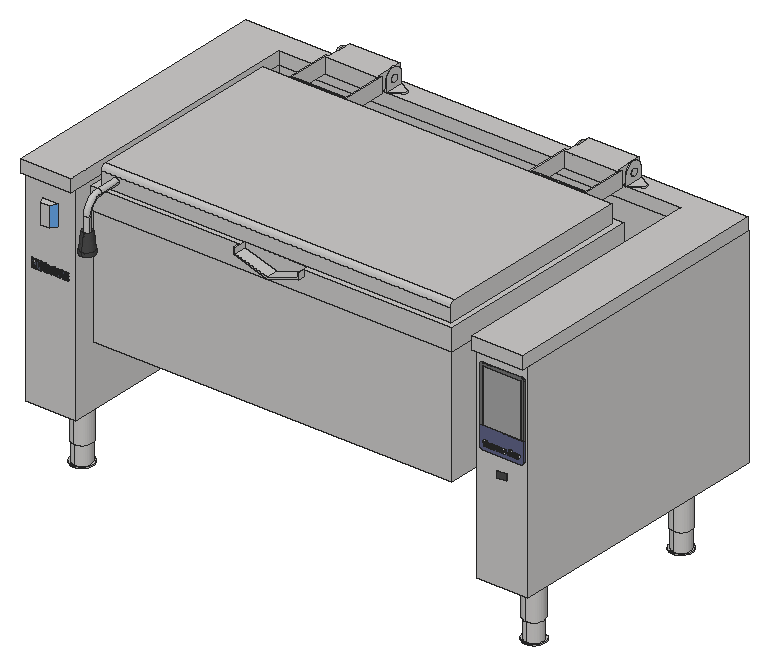
Revit family "QF_ELECTROLUXPROFESSIONAL_587124_PFET10ECIO", category Attrezzature speciali, Revit 2020 (continued)
Definition of nested family "QF_ELECTROLUXPROFESSIONAL_PBOTNB900_LEFT"
  Automatic sketch dimensions
    Extrusion 4 sketch curve to Extrusion 4 sketch curve = 1.476 mm  (x2)
    Extrusion 4 sketch curve to Extrusion 4 sketch curve = 1.469 mm  (x2)
    Extrusion 4 sketch curve to Extrusion 4 sketch curve = 3.728 mm
    Extrusion 4 sketch curve to Extrusion 4 sketch curve = 0.046 mm
    Extrusion 4 sketch curve to Extrusion 4 sketch curve = 0.177 mm
    Extrusion 4 sketch curve to Extrusion 4 sketch curve = 0.947 mm
    Extrusion 4 sketch curve to Extrusion 4 sketch curve = 0.308 mm
    Extrusion 4 sketch curve to Extrusion 4 sketch curve = 0.091 mm
    Extrusion 4 sketch curve to Extrusion 4 sketch curve = 2.375 mm
    Extrusion 4 sketch curve to Extrusion 4 sketch curve = 0.94 mm
    Extrusion 4 sketch curve to Extrusion 4 sketch curve = 0.54 mm
    Extrusion 4 sketch curve to Extrusion 4 sketch curve = 0.102 mm
    Extrusion 4 sketch curve to Extrusion 4 sketch curve = 0.002 mm  (x4)
    Extrusion 4 sketch curve to Extrusion 4 sketch curve = 0.105 mm
    Extrusion 4 sketch curve to Extrusion 4 sketch curve = 0.097 mm
    Extrusion 4 sketch curve to plane 3 "Center (Left/Right)" = 0.241 mm
    Extrusion 4 sketch curve to plane 3 "Center (Left/Right)" = 0.412 mm
    Extrusion 4 sketch curve to plane 3 "Center (Left/Right)" = 2.074 mm
    Extrusion 4 sketch curve to Extrusion 4 sketch curve = 1.777 mm
    Extrusion 4 sketch curve to plane 3 "Center (Left/Right)" = 2.704 mm
    Extrusion 4 sketch curve to Extrusion 4 sketch curve = 1.001 mm
    Extrusion 4 sketch curve to Extrusion 4 sketch curve = 1.393 mm  (x2)
    Extrusion 4 sketch curve to Extrusion 4 sketch curve = 2.363 mm
    Extrusion 4 sketch curve to Extrusion 4 sketch curve = 2.253 mm
    Extrusion 4 sketch curve to Extrusion 4 sketch curve = 0.014 mm  (x4)
    Extrusion 4 sketch curve to Extrusion 4 sketch curve = 0.172 mm
    Extrusion 4 sketch curve to Extrusion 4 sketch curve = 0.096 mm
    Extrusion 4 sketch curve to Extrusion 4 sketch curve = 0.164 mm
    Extrusion 4 sketch curve to Extrusion 4 sketch curve = 0.298 mm
    Extrusion 4 sketch curve to Extrusion 4 sketch curve = 0.247 mm
    Extrusion 4 sketch curve to Extrusion 4 sketch curve = 0.084 mm
    Extrusion 4 sketch curve to Extrusion 4 sketch curve = 6.484 mm
    Extrusion 4 sketch curve to Extrusion 4 sketch curve = 2.596 mm
    Extrusion 4 sketch curve to Extrusion 4 sketch curve = 0.059 mm  (x2)
    Extrusion 4 sketch curve to Extrusion 4 sketch curve = 3.889 mm
    Extrusion 4 sketch curve to Extrusion 4 sketch curve = 6.029 mm
    Extrusion 4 sketch curve to Extrusion 4 sketch curve = 0.929 mm
    Extrusion 4 sketch curve to Extrusion 4 sketch curve = 1.102 mm
    Extrusion 4 sketch curve to Extrusion 4 sketch curve = 0.756 mm  (x2)
    Extrusion 4 sketch curve to Extrusion 4 sketch curve = 0.852 mm
    Extrusion 4 sketch curve to Extrusion 4 sketch curve = 0.108 mm
    Extrusion 4 sketch curve to Extrusion 4 sketch curve = 0.101 mm
    Extrusion 4 sketch curve to Extrusion 4 sketch curve = 0.072 mm
    Extrusion 4 sketch curve to Extrusion 4 sketch curve = 1.67 mm
    Extrusion 4 sketch curve to Extrusion 4 sketch curve = 1.834 mm
    Extrusion 4 sketch curve to Extrusion 4 sketch curve = 0.366 mm
    Extrusion 4 sketch curve to Extrusion 4 sketch curve = 0.993 mm
    Extrusion 4 sketch curve to Extrusion 4 sketch curve = 0.81 mm
    Extrusion 4 sketch curve to Extrusion 4 sketch curve = 1.026 mm  (x2)
    Extrusion 4 sketch curve to Extrusion 4 sketch curve = 4.272 mm
    Extrusion 4 sketch curve to Extrusion 4 sketch curve = 0.163 mm
    Extrusion 4 sketch curve to Extrusion 4 sketch curve = 0.551 mm
    plane 14 to Extrusion 4 sketch curve = 6.023 mm
    Extrusion 4 sketch curve to Extrusion 4 sketch curve = 1.451 mm
    plane 14 to Extrusion 4 sketch curve = 5.28 mm
    Extrusion 4 sketch curve to Extrusion 4 sketch curve = 0.045 mm  (x2)
    Extrusion 4 sketch curve to Extrusion 4 sketch curve = 0.241 mm
    Extrusion 4 sketch curve to Extrusion 4 sketch curve = 0.039 mm
    Extrusion 4 sketch curve to Extrusion 4 sketch curve = 1.134 mm
    Extrusion 4 sketch curve to Extrusion 4 sketch curve = 2.351 mm
    Extrusion 4 sketch curve to plane 14 = 0.874 mm
    Extrusion 4 sketch curve to Extrusion 4 sketch curve = 10.128 mm
    Extrusion 4 sketch curve to Extrusion 4 sketch curve = 0.956 mm
    Extrusion 4 sketch curve to Extrusion 4 sketch curve = 1.263 mm
    Extrusion 4 sketch curve to Extrusion 4 sketch curve = 2.577 mm
    Extrusion 4 sketch curve to Extrusion 4 sketch curve = 0.243 mm
    Extrusion 4 sketch curve to Extrusion 4 sketch curve = 0.031 mm
    Extrusion 4 sketch curve to Extrusion 4 sketch curve = 7.148 mm
    Extrusion 4 sketch curve to Extrusion 4 sketch curve = 1.502 mm
    Extrusion 4 sketch curve to Extrusion 4 sketch curve = 11.54 mm
    Extrusion 4 sketch curve to Extrusion 4 sketch curve = 11.758 mm
    Extrusion 4 sketch curve to Extrusion 4 sketch curve = 4.097 mm
    Extrusion 4 sketch curve to Extrusion 4 sketch curve = 0.011 mm
    Extrusion 4 sketch curve to Extrusion 4 sketch curve = 4.488 mm
    plane 17 "CHW" to Extrusion 4 sketch curve = 191.223 mm
    Extrusion 4 sketch curve to Extrusion 4 sketch curve = 3.444 mm  (x2)
    Extrusion 4 sketch curve to Extrusion 4 sketch curve = 3.777 mm
    Extrusion 4 sketch curve to Extrusion 4 sketch curve = 1.093 mm
    Extrusion 4 sketch curve to Extrusion 4 sketch curve = 1.192 mm
    Extrusion 4 sketch curve to Extrusion 4 sketch curve = 0.319 mm
    Extrusion 4 sketch curve to Extrusion 4 sketch curve = 5.798 mm
    Extrusion 4 sketch curve to Extrusion 4 sketch curve = 2.021 mm
    Extrusion 4 sketch curve to Extrusion 4 sketch curve = 2.357 mm  (x3)
    Extrusion 4 sketch curve to Extrusion 4 sketch curve = 0.892 mm  (x3)
    Extrusion 4 sketch curve to Extrusion 4 sketch curve = 1.018 mm
    Extrusion 4 sketch curve to Extrusion 4 sketch curve = 3.382 mm  (x2)
    Extrusion 4 sketch curve to Extrusion 4 sketch curve = 2.117 mm
    Extrusion 4 sketch curve to Extrusion 4 sketch curve = 0.195 mm  (x2)
    Extrusion 4 sketch curve to Extrusion 4 sketch curve = 0.295 mm  (x2)
    Extrusion 4 sketch curve to Extrusion 4 sketch curve = 0.618 mm
    Extrusion 4 sketch curve to Extrusion 4 sketch curve = 0.385 mm  (x2)
    Extrusion 4 sketch curve to Extrusion 4 sketch curve = 1.626 mm  (x2)
    Extrusion 4 sketch curve to Extrusion 4 sketch curve = 1.65 mm
    Extrusion 4 sketch curve to Extrusion 4 sketch curve = 1.662 mm
    Extrusion 4 sketch curve to Extrusion 4 sketch curve = 0.013 mm  (x2)
    Extrusion 4 sketch curve to Extrusion 4 sketch curve = 0.292 mm
    Extrusion 4 sketch curve to Extrusion 4 sketch curve = 0.107 mm  (x2)
    Extrusion 4 sketch curve to Extrusion 4 sketch curve = 0.068 mm  (x2)
    Extrusion 4 sketch curve to Extrusion 4 sketch curve = 0.968 mm
    Extrusion 4 sketch curve to Extrusion 4 sketch curve = 0.365 mm
    Extrusion 4 sketch curve to Extrusion 4 sketch curve = 2.361 mm
    Extrusion 4 sketch curve to Extrusion 4 sketch curve = 2.359 mm
    Extrusion 4 sketch curve to Extrusion 4 sketch curve = 0.531 mm  (x2)
    Extrusion 4 sketch curve to Extrusion 4 sketch curve = 0.928 mm  (x2)
    Extrusion 4 sketch curve to Extrusion 4 sketch curve = 1.058 mm
    Extrusion 4 sketch curve to Extrusion 4 sketch curve = 0.297 mm  (x2)
    Extrusion 4 sketch curve to Extrusion 4 sketch curve = 0.155 mm  (x2)
    Extrusion 4 sketch curve to Extrusion 4 sketch curve = 1.305 mm
    Extrusion 4 sketch curve to Extrusion 4 sketch curve = 1.037 mm
    Extrusion 4 sketch curve to Extrusion 4 sketch curve = 0.182 mm  (x2)
    Extrusion 4 sketch curve to Extrusion 4 sketch curve = 0.607 mm  (x2)
    Extrusion 4 sketch curve to Extrusion 4 sketch curve = 0.304 mm  (x2)
    Extrusion 4 sketch curve to Extrusion 4 sketch curve = 0.372 mm  (x2)
    Extrusion 4 sketch curve to Extrusion 4 sketch curve = 0.016 mm  (x2)
    Extrusion 4 sketch curve to Extrusion 4 sketch curve = 0.996 mm
    Extrusion 4 sketch curve to Extrusion 4 sketch curve = 0.93 mm
    Extrusion 4 sketch curve to Extrusion 4 sketch curve = 0.709 mm  (x2)
    Extrusion 4 sketch curve to Extrusion 4 sketch curve = 1.752 mm
    Extrusion 4 sketch curve to Extrusion 4 sketch curve = 1.017 mm
    Extrusion 4 sketch curve to Extrusion 4 sketch curve = 4.718 mm
    Extrusion 4 sketch curve to Extrusion 4 sketch curve = 0.891 mm
    Extrusion 4 sketch curve to Extrusion 4 sketch curve = 3.826 mm
    Extrusion 4 sketch curve to Extrusion 4 sketch curve = 1.696 mm
    Extrusion 4 sketch curve to Extrusion 4 sketch curve = 0.954 mm
    Extrusion 4 sketch curve to Extrusion 4 sketch curve = 5.576 mm
    Extrusion 4 sketch curve to Extrusion 4 sketch curve = 5.657 mm  (x2)
    Extrusion 4 sketch curve to Extrusion 4 sketch curve = 5.661 mm  (x2)
    Extrusion 4 sketch curve to Extrusion 4 sketch curve = 0.006 mm
    Extrusion 4 sketch curve to Extrusion 4 sketch curve = 1.499 mm
    Extrusion 4 sketch curve to Extrusion 4 sketch curve = 7.186 mm
    Extrusion 4 sketch curve to Extrusion 4 sketch curve = 2.203 mm
    Extrusion 4 sketch curve to Extrusion 4 sketch curve = 2.21 mm
    Extrusion 4 sketch curve to Extrusion 4 sketch curve = 1.607 mm
    Extrusion 4 sketch curve to Extrusion 4 sketch curve = 3.479 mm
    Extrusion 4 sketch curve to Extrusion 4 sketch curve = 3.92 mm
    Extrusion 4 sketch curve to Extrusion 4 sketch curve = 0.05 mm
    Extrusion 4 sketch curve to Extrusion 4 sketch curve = 1.776 mm
    Extrusion 4 sketch curve to Extrusion 4 sketch curve = 4.017 mm
    Extrusion 4 sketch curve to Extrusion 4 sketch curve = 0.196 mm  (x2)
    Extrusion 4 sketch curve to Extrusion 4 sketch curve = 0.19 mm
    Extrusion 4 sketch curve to Extrusion 4 sketch curve = 1.312 mm
    Extrusion 4 sketch curve to Extrusion 4 sketch curve = 0.146 mm
    Extrusion 4 sketch curve to Extrusion 4 sketch curve = 2.831 mm
    Extrusion 4 sketch curve to Extrusion 4 sketch curve = 0.387 mm
    Extrusion 4 sketch curve to Extrusion 4 sketch curve = 0.174 mm
    Extrusion 4 sketch curve to Extrusion 4 sketch curve = 4.623 mm
    Extrusion 4 sketch curve to Extrusion 4 sketch curve = 1.754 mm
    Extrusion 4 sketch curve to Extrusion 4 sketch curve = 0.188 mm
    Extrusion 4 sketch curve to Extrusion 4 sketch curve = 0.02 mm
    Extrusion 4 sketch curve to Extrusion 4 sketch curve = 0.313 mm
    Extrusion 4 sketch curve to Extrusion 4 sketch curve = 0.12 mm
    Extrusion 4 sketch curve to Extrusion 4 sketch curve = 0.062 mm
    Extrusion 4 sketch curve to Extrusion 4 sketch curve = 0.568 mm
    Extrusion 4 sketch curve to Extrusion 4 sketch curve = 1.763 mm
    Extrusion 4 sketch curve to Extrusion 4 sketch curve = 0.095 mm
    Extrusion 4 sketch curve to Extrusion 4 sketch curve = 1.817 mm
    Extrusion 4 sketch curve to Extrusion 4 sketch curve = 0.357 mm
    Extrusion 4 sketch curve to Extrusion 4 sketch curve = 0.008 mm
    Extrusion 4 sketch curve to Extrusion 4 sketch curve = 0.36 mm
    Extrusion 4 sketch curve to Extrusion 4 sketch curve = 3.784 mm
    Extrusion 4 sketch curve to Extrusion 4 sketch curve = 1.654 mm
    Extrusion 4 sketch curve to Extrusion 4 sketch curve = 1.454 mm
    Extrusion 4 sketch curve to Extrusion 4 sketch curve = 1.705 mm
    Extrusion 4 sketch curve to Extrusion 4 sketch curve = 1.893 mm
    Extrusion 4 sketch curve to Extrusion 4 sketch curve = 3.429 mm
    Extrusion 4 sketch curve to Extrusion 4 sketch curve = 1.094 mm
    Extrusion 4 sketch curve to Extrusion 4 sketch curve = 2.218 mm
    Extrusion 4 sketch curve to Extrusion 4 sketch curve = 1.404 mm
    Extrusion 4 sketch curve to Extrusion 4 sketch curve = 5.763 mm
    Extrusion 4 sketch curve to Extrusion 4 sketch curve = 2.932 mm  (x2)
    Extrusion 4 sketch curve to Extrusion 4 sketch curve = 5.959 mm
    Extrusion 4 sketch curve to Extrusion 4 sketch curve = 1.424 mm
    Extrusion 4 sketch curve to Extrusion 4 sketch curve = 3.23 mm
    Extrusion 4 sketch curve to Extrusion 4 sketch curve = 1.975 mm
    Extrusion 4 sketch curve to Extrusion 4 sketch curve = 3.779 mm
    Extrusion 4 sketch curve to Extrusion 4 sketch curve = 2.212 mm
    Extrusion 4 sketch curve to Extrusion 4 sketch curve = 3.78 mm
    Extrusion 4 sketch curve to Extrusion 4 sketch curve = 1.279 mm
    Extrusion 4 sketch curve to Extrusion 4 sketch curve = 1.343 mm  (x2)
    Extrusion 4 sketch curve to Extrusion 4 sketch curve = 1.353 mm  (x2)
    Extrusion 4 sketch curve to Extrusion 4 sketch curve = 0.027 mm  (x2)
    Extrusion 4 sketch curve to Extrusion 4 sketch curve = 0.395 mm  (x2)
    Extrusion 4 sketch curve to Extrusion 4 sketch curve = 0.329 mm  (x2)
    Extrusion 4 sketch curve to Extrusion 4 sketch curve = 0.425 mm  (x2)
    Extrusion 4 sketch curve to Extrusion 4 sketch curve = 0.051 mm  (x2)
    Extrusion 4 sketch curve to Extrusion 4 sketch curve = 0.495 mm  (x2)
    Extrusion 4 sketch curve to Extrusion 4 sketch curve = 0.267 mm  (x2)
    Extrusion 4 sketch curve to Extrusion 4 sketch curve = 1.4 mm
    Extrusion 4 sketch curve to Extrusion 4 sketch curve = 5.233 mm
    Extrusion 4 sketch curve to Extrusion 4 sketch curve = 2.062 mm
    Extrusion 5 sketch curve to plane 13 "HW_CW" = 0.0 mm  (x2)
    Extrusion 5 sketch curve to plane 15 = 0.0 mm
    Extrusion 5 sketch curve to plane 14 = 0.0 mm
    radius of Extrusion 2 sketch curve = 6.35 mm  (x2)
    radius of Extrusion 4 sketch curve = 2.453 mm
    radius of Extrusion 4 sketch curve = 1.557 mm
    radius of Extrusion 4 sketch curve = 1.468 mm
    radius of Extrusion 4 sketch curve = 2.451 mm
    radius of Extrusion 5 sketch curve = 5.0 mm  (x2)
Definition of nested family "QF_ELECTROLUXPROFESSIONAL_PBOTNB900_RIGHT"
  Parameters
    Width = 160.0 mm
    Right = Width / 2  # 80.0 mm
    Default Elevation = 0.0 mm
    Left = -Width / 2  # -80.0 mm
    Htop = 40.0 mm
    Height = 900.0 mm
    HBase = 200.0 mm
    EI_z = 250.0 mm
    EI_y = 312.0 mm
    Depth = 900.0 mm
    BorderFront = 20.0 mm
    Body Finish [instance] = none
  Reference planes
    plane 1 "Center (Front/Back)": y = 0
    plane 2: z = 0
    plane 3 "Center (Left/Right)": x = 0
    plane 4 "LEFT": x = -80
    plane 5 "RIGHT": x = 80
    plane 6 "BACK": y = 450
    plane 7 "FRONT": y = -450
    plane 8 "Base": z = 200
    plane 9 "TOP": z = 900
    plane 10 "BorderFront": y = -430
    plane 11: z = 860
    plane 12 "EI": z = 450
    plane 13: y = 138
    plane 14 "STEAM_y": y = 211
    plane 15 "Steam_z": z = 340
  Forms (mm)
    Extrusion 1, solid
      sketch origin (0, 0, 0) x (1, 0, 0) y (0, 1, 0)
        loop
          line (-80, 450) -> (-80, -430) -> (80, -430) -> (80, 450) -> (-80, 450)
      from 860 to 200
    Extrusion 2, solid
      sketch origin (0, -430, 0) x (-1, 0, 0) y (0, 0, 1)
        loop
          line (59.714, 823.989) -> (-61.821, 823.989)
          arc (-61.821, 823.989) -> (-68.892, 821.06) -> (-71.821, 813.989) r 10
          line (-71.821, 813.989) -> (-71.821, 644.744) -> (-61.821, 644.744) -> (-61.821, 813.989) -> (59.714, 813.989) -> (59.714, 644.744) -> (69.714, 644.744) -> (69.714, 813.989)
          arc (69.714, 813.989) -> (66.786, 821.06) -> (59.714, 823.989) r 10
      from 0 to -3
    Extrusion 3, solid
      sketch origin (0, -430, 0) x (-1, 0, 0) y (0, 0, 1)
        loop
          line (69.714, 585) -> (69.714, 644.744) -> (-71.821, 644.744) -> (-71.821, 585)
          arc (-71.821, 585) -> (-68.892, 577.929) -> (-61.821, 575) r 10
          line (-61.821, 575) -> (59.714, 575)
          arc (59.714, 575) -> (66.786, 577.929) -> (69.714, 585) r 10
      from -3 to 0
    Extrusion 4, solid
      sketch origin (234.714, -430, 0) x (-1, 0, 0) y (0, 0, 1)
        loop
          line (294.429, 813.989) -> (172.894, 813.989) -> (172.894, 644.744) -> (294.429, 644.744) -> (294.429, 813.989)
      from 0 to -3
    Extrusion 5, solid
      sketch origin (0, -430, 0) x (-1, 0, 0) y (0, 0, 1)
        loop
          line (15, 530) -> (-15, 530) -> (-15, 510) -> (15, 510) -> (15, 530)
      from -1.6 to 0
    Extrusion 6, solid
      sketch origin (0, 450, 0) x (-1, 0, 0) y (0, 0, 1)
        loop
          circle (0, 450) r 5
      from 0 to 2
    Extrusion 7, solid
      sketch origin (0, 0, 200) x (0, 1, 0) y (-1, 0, 0)
        loop
          circle (138, 0) r 10
      from 0 to -3
    Extrusion 8, solid
      sketch origin (0, 0, 200) x (0, 1, 0) y (-1, 0, 0)
        loop
          circle (211, 0) r 12.7
      from 0 to -3
  Lines and regions (mm)
    symbolic lines
      curve 1: line (-80, 450, 0) -> (80, 450, 0)
      curve 2: line (80, 450, 0) -> (80, -430, 0)
  Dimensions and locks
    "Width": plane 4 "LEFT" to plane 5 "RIGHT"
    equal spacing: plane 4 "LEFT", plane 3 "Center (Left/Right)", plane 5 "RIGHT"
    equal spacing: plane 6 "BACK", plane 1 "Center (Front/Back)", plane 7 "FRONT"
    "Depth": plane 6 "BACK" to plane 7 "FRONT"
    "BorderFront": plane 10 "BorderFront" to plane 7 "FRONT"
    "Htop": plane 9 "TOP" to plane 11
    "Height": plane 9 "TOP" to level
    "HBase": plane 8 "Base" to level
    "EI_y": plane 6 "BACK" to plane 13
    "EI_z": plane 12 "EI" to plane 8 "Base"
    plane 6 "BACK" to plane 14 "STEAM_y" = 239.0 mm
    plane 15 "Steam_z" to plane 8 "Base" = 140.0 mm
    aligned and locked: level to plane 2
    aligned and locked: plane 10 "BorderFront" to Extrusion 1 sketch curve
    aligned and locked: plane 11 to Extrusion 1
    aligned and locked: Extrusion 1 to plane 8 "Base"
    aligned and locked: plane 4 "LEFT" to Extrusion 1 sketch curve
    aligned and locked: Extrusion 1 sketch curve to plane 5 "RIGHT"
    aligned and locked: Extrusion 1 sketch curve to plane 6 "BACK"
  Automatic sketch dimensions
    Extrusion 2 sketch curve to plane 5 "RIGHT" = 8.179 mm
    Extrusion 2 sketch curve to Extrusion 2 sketch curve = 10.0 mm  (x2)
    Extrusion 2 sketch curve to Extrusion 2 sketch curve = 0.0 mm  (x4)
    plane 4 "LEFT" to Extrusion 2 sketch curve = 20.286 mm
    Extrusion 2 sketch curve to plane 11 = 215.256 mm
    Extrusion 2 sketch curve to plane 11 = 46.011 mm
    Extrusion 3 sketch curve to plane 5 "RIGHT" = 8.179 mm
    plane 4 "LEFT" to Extrusion 3 sketch curve = 20.286 mm
    plane 4 "LEFT" to Extrusion 3 sketch curve = 10.286 mm
    Extrusion 3 sketch curve to plane 11 = 285.0 mm
    Extrusion 3 sketch curve to Extrusion 3 sketch curve = 59.744 mm
    Extrusion 3 sketch curve to Extrusion 3 sketch curve = 10.0 mm
    plane 4 "LEFT" to Extrusion 4 sketch curve = 20.286 mm
    Extrusion 4 sketch curve to plane 11 = 46.011 mm
    Extrusion 4 sketch curve to plane 5 "RIGHT" = 18.179 mm
    Extrusion 4 sketch curve to Extrusion 4 sketch curve = 169.244 mm
    Extrusion 6 sketch curve to plane 3 "Center (Left/Right)" = 0.0 mm
    Extrusion 6 sketch curve to plane 12 "EI" = 0.0 mm
    curve 1 to plane 4 "LEFT" = 0.0 mm
    curve 1 to plane 5 "RIGHT" = 0.0 mm
    curve 2 to plane 10 "BorderFront" = 0.0 mm
    curve 1 to plane 6 "BACK" = 0.0 mm
    plane 3 "Center (Left/Right)" to Extrusion 5 sketch curve = 15.0 mm
    Extrusion 5 sketch curve to plane 3 "Center (Left/Right)" = 15.0 mm
    plane 12 "EI" to Extrusion 5 sketch curve = 60.0 mm
    Extrusion 5 sketch curve to Extrusion 5 sketch curve = 20.0 mm
    Extrusion 7 sketch curve to plane 3 "Center (Left/Right)" = 0.0 mm
    Extrusion 7 sketch curve to plane 13 = 0.0 mm
    Extrusion 8 sketch curve to plane 3 "Center (Left/Right)" = 0.0 mm
    Extrusion 8 sketch curve to plane 14 "STEAM_y" = 0.0 mm
    radius of Extrusion 6 sketch curve = 5.0 mm
    radius of Extrusion 7 sketch curve = 10.0 mm
    radius of Extrusion 8 sketch curve = 12.7 mm
  Nested families
    nested 1: "ELX_ThermaLine" at (-0.906, -433, 593.675) x (1, 0, 0) z (0, -1, 0), type "ELX_ThermaLine"
      with Show Logo yes, Material_Logo none
  Definition of nested family "ELX_ThermaLine"
    Parameters
      Show Logo [instance] = yes
      Material_Logo [instance] = none
      Default Elevation = 0.0 mm
    Reference planes
      plane 1 "Centro (Fronte/Retro)": y = 0
      plane 2: z = 0
      plane 3 "Centro (Sinistra/Destra)": x = 0
    Forms (mm)
      Extrusion 1, solid
        sketch origin (0, 0, 0) x (1, 0, 0) y (0, 1, 0)
          loop
            line (-1219.2, 1219.2) -> (-1219.2, -1219.2) -> (1219.2, -1219.2) -> (1219.2, 1219.2) -> (-1219.2, 1219.2)
        from 0 to -304.8
      Extrusion 2, solid
        sketch origin (0, 0, 0) x (1, 0, 0) y (0, 1, 0)
          loop
            line (-52.84, 4.345) -> (-50.793, 4.345) -> (-50.793, 6.716) -> (-52.84, 6.716) -> (-52.84, 10.788) -> (-55.901, 9.058) -> (-55.901, 6.716) -> (-57.324, 6.716) -> (-57.324, 4.345) -> (-55.901, 4.345) -> (-55.901, -1.637)
            arc (-55.901, -1.637) -> (-54.76, -4.355) -> (-51.88, -4.985) r 3.198
            line (-51.88, -4.985) -> (-50.444, -4.597) -> (-50.782, -2.189) -> (-51.765, -2.453)
            arc (-51.765, -2.453) -> (-52.506, -2.305) -> (-52.84, -1.628) r 0.854
            line (-52.84, -1.628) -> (-52.84, 4.345)
          loop
            line (-48.642, 11.198) -> (-48.642, -4.787) -> (-45.561, -4.787) -> (-45.561, 2.659)
            arc (-45.561, 2.659) -> (-44.379, 4.372) -> (-42.304, 4.523) r 2.408
            arc (-42.304, 4.523) -> (-41.484, 3.75) -> (-41.182, 2.665) r 2.099
            line (-41.182, 2.665) -> (-41.182, -4.787) -> (-38.117, -4.787) -> (-38.088, 2.166)
            arc (-38.088, 2.166) -> (-38.343, 3.963) -> (-39.021, 5.646) r 7.517
            arc (-39.021, 5.646) -> (-42.369, 6.971) -> (-45.561, 5.303) r 4.327
            line (-45.561, 5.303) -> (-45.561, 11.198) -> (-48.642, 11.198)
          loop
            arc (-28.196, 1.988) -> (-28.834, 3.893) -> (-30.683, 4.679) r 2.449
            arc (-30.683, 4.679) -> (-32.149, 3.674) -> (-32.711, 1.988) r 2.793
            line (-32.711, 1.988) -> (-28.196, 1.988)
          loop
            arc (-25.128, 0.121) -> (-26.074, 4.342) -> (-29.545, 6.923) r 6.212
            arc (-29.545, 6.923) -> (-33.021, 6.358) -> (-35.352, 3.718) r 5.232
            arc (-35.352, 3.718) -> (-35.918, 1.148) -> (-35.633, -1.468) r 8.117
            arc (-35.633, -1.468) -> (-34.524, -3.319) -> (-32.789, -4.603) r 5.523
            arc (-32.789, -4.603) -> (-28.402, -4.744) -> (-25.297, -1.641) r 5.523
            line (-25.297, -1.641) -> (-28.327, -1.106)
            arc (-28.327, -1.106) -> (-29.324, -2.396) -> (-30.951, -2.501) r 1.982
            arc (-30.951, -2.501) -> (-32.276, -1.475) -> (-32.789, 0.121) r 2.835
            line (-32.789, 0.121) -> (-25.128, 0.121)
          loop
            line (-22.733, -4.787) -> (-19.705, -4.787) -> (-19.705, 0)
            arc (-19.705, 0) -> (-19.663, 1.267) -> (-19.469, 2.521) r 10.557
            arc (-19.469, 2.521) -> (-18.189, 4.014) -> (-16.237, 3.761) r 2.069
            line (-16.237, 3.761) -> (-15.318, 6.433)
            arc (-15.318, 6.433) -> (-17.915, 6.783) -> (-19.931, 5.11) r 3.262
            line (-19.931, 5.11) -> (-19.931, 6.752) -> (-22.733, 6.752) -> (-22.733, -4.787)
          loop
            line (-14.233, 6.752) -> (-14.233, -4.787) -> (-11.135, -4.787) -> (-11.135, 1.783)
            arc (-11.135, 1.783) -> (-10.552, 3.635) -> (-8.862, 4.59) r 2.646
            arc (-8.862, 4.59) -> (-7.677, 3.931) -> (-7.234, 2.65) r 1.899
            line (-7.234, 2.65) -> (-7.234, -4.787) -> (-4.155, -4.787) -> (-4.155, 1.467)
            arc (-4.155, 1.467) -> (-3.845, 2.923) -> (-2.97, 4.128) r 3.581
            arc (-2.97, 4.128) -> (-1.581, 4.474) -> (-0.516, 3.516) r 1.525
            arc (-0.516, 3.516) -> (-0.324, 2.735) -> (-0.304, 1.931) r 3.735
            line (-0.304, 1.931) -> (-0.304, -4.787) -> (2.776, -4.787) -> (2.776, 3.096)
            arc (2.776, 3.096) -> (1.833, 5.68) -> (-0.612, 6.942) r 3.784
            arc (-0.612, 6.942) -> (-2.795, 6.596) -> (-4.513, 5.205) r 4.271
            arc (-4.513, 5.205) -> (-5.893, 6.457) -> (-7.686, 6.964) r 4.079
            arc (-7.686, 6.964) -> (-9.75, 6.555) -> (-11.39, 5.237) r 4.412
            line (-11.39, 5.237) -> (-11.39, 6.752) -> (-14.233, 6.752)
          loop
            line (5.334, 3.712) -> (8.069, 3.23)
            arc (8.069, 3.23) -> (10.312, 4.685) -> (12.137, 2.73) r 2.082
            line (12.137, 2.73) -> (8.171, 1.741)
            arc (8.171, 1.741) -> (6.593, 1.022) -> (5.378, -0.215) r 4.758
            arc (5.378, -0.215) -> (5.225, -1.991) -> (5.744, -3.697) r 4.711
            arc (5.744, -3.697) -> (7.301, -4.682) -> (9.118, -4.992) r 4.691
            arc (9.118, -4.992) -> (10.903, -4.593) -> (12.411, -3.558) r 4.818
            line (12.411, -3.558) -> (12.81, -4.787) -> (15.873, -4.787) -> (15.179, -2.652) -> (15.179, 3.25)
            arc (15.179, 3.25) -> (14.773, 5.146) -> (13.38, 6.496) r 3.336
            arc (13.38, 6.496) -> (10.765, 7.201) -> (8.091, 6.773) r 6.459
            arc (8.091, 6.773) -> (6.348, 5.57) -> (5.334, 3.712) r 4.569
          loop
            line (21.001, -4.787) -> (24.24, -4.787) -> (27.623, 11.127) -> (24.384, 11.127) -> (21.001, -4.787)
          loop
            line (27.273, -4.787) -> (30.332, -4.787) -> (32.777, 6.716) -> (29.718, 6.716) -> (27.273, -4.787)
          loop
            line (30.656, 11.127) -> (30.058, 8.314) -> (33.117, 8.314) -> (33.715, 11.127) -> (30.656, 11.127)
          loop
            line (33.431, -4.787) -> (36.649, -4.787) -> (38.261, 2.796)
            arc (38.261, 2.796) -> (39.644, 4.445) -> (41.791, 4.594) r 2.751
            arc (41.791, 4.594) -> (42.425, 3.729) -> (42.502, 2.659) r 1.936
            line (42.502, 2.659) -> (40.919, -4.787) -> (43.989, -4.787) -> (45.795, 3.712)
            arc (45.795, 3.712) -> (45.588, 5.458) -> (44.361, 6.716) r 2.734
            arc (44.361, 6.716) -> (41.222, 6.857) -> (38.516, 5.259) r 5.512
            line (38.516, 5.259) -> (38.826, 6.716) -> (35.876, 6.716) -> (33.431, -4.787)
          loop
            line (50.773, 1.934) -> (55.672, 1.934)
            arc (55.672, 1.934) -> (55.737, 2.919) -> (55.334, 3.821) r 2.051
            arc (55.334, 3.821) -> (53.773, 4.722) -> (52.024, 4.287) r 2.407
            arc (52.024, 4.287) -> (51.223, 3.203) -> (50.773, 1.934) r 4.566
          loop
            line (50.479, 0) -> (58.259, 0)
            arc (58.259, 0) -> (58.241, 3.53) -> (56.181, 6.396) r 5.8
            arc (56.181, 6.396) -> (52.577, 6.992) -> (49.395, 5.199) r 5.498
            arc (49.395, 5.199) -> (47.819, 2.372) -> (47.536, -0.853) r 7.747
            arc (47.536, -0.853) -> (48.406, -3.006) -> (50.236, -4.437) r 4.494
            arc (50.236, -4.437) -> (52.672, -4.934) -> (55.109, -4.437) r 6.224
            arc (55.109, -4.437) -> (56.76, -3.346) -> (57.916, -1.739) r 5.478
            line (57.916, -1.739) -> (55.129, -1.247)
            arc (55.129, -1.247) -> (53.897, -2.495) -> (52.149, -2.637) r 2.52
            arc (52.149, -2.637) -> (50.809, -1.638) -> (50.479, 0) r 2.336
          loop
            line (12.154, 0.755) -> (8.732, -0.098)
            arc (8.732, -0.098) -> (8.126, -1.288) -> (8.732, -2.478) r 1.471
            arc (8.732, -2.478) -> (10.437, -2.725) -> (11.827, -1.706) r 2.276
            arc (11.827, -1.706) -> (12.142, -0.496) -> (12.154, 0.755) r 5.123
        from 0 to 1.6
    Dimensions and locks
      aligned and locked: plane 2 to Extrusion 1
      aligned and locked: level to Extrusion 1
Definition of nested family "QF_ELECTROLUXPROFESSIONAL_2FEET_THL_120xH200"
  Parameters
    Width = 120.0 mm
    Right = Width / 2  # 60.0 mm
    Default Elevation = 0.0 mm
    Left = -Width / 2  # -60.0 mm
    Height = 200.0 mm
    HBase = Height - 15.0 mm  # 185.0 mm
    Depth = 880.0 mm
  Reference planes
    plane 1 "Center (Front/Back)": y = 0
    plane 2: z = 0
    plane 3 "Center (Left/Right)": x = 0
    plane 4 "LEFT": x = -60
    plane 5 "RIGHT": x = 60
    plane 6 "BACK": y = 440
    plane 7 "FRONT": y = -440
    plane 8 "Base": z = 185
    plane 9 "TOP": z = 200
    plane 10: y = 283
    plane 11: y = -304
    plane 12: y = 368
    plane 13: y = -388
    plane 14: x = -80
  Forms (mm)
    Extrusion 1, solid
      sketch origin (0, 0, 200) x (0, 1, 0) y (-1, 0, 0)
        loop
          line (368, 60) -> (-388, 60) -> (-388, -60) -> (368, -60) -> (368, 60)
      from 0 to -15
    Revolve 2, solid
      sketch origin (0, 0, 0) x (0, 1, 0) y (0, 0, 1)
        loop
          line (283, 0) -> (318, 0) -> (318, 2) -> (311.179, 2) -> (311.179, 63) -> (314.75, 63) -> (314.75, 185) -> (283, 185) -> (283, 0)
        axis (283, 185) -> (283, 0)
      angle from 0 to 360
    Revolve 3, solid
      sketch origin (0, 0, 0) x (0, 1, 0) y (0, 0, 1)
        loop
          line (-304, 185) -> (-304, 0) -> (-269, 0) -> (-269, 2) -> (-275.821, 2) -> (-275.821, 63) -> (-272.25, 63) -> (-272.25, 185) -> (-304, 185)
        axis (-304, 185) -> (-304, 0)
      angle from 0 to 360
  Dimensions and locks
    "Width": plane 4 "LEFT" to plane 5 "RIGHT"
    equal spacing: plane 4 "LEFT", plane 3 "Center (Left/Right)", plane 5 "RIGHT"
    equal spacing: plane 6 "BACK", plane 1 "Center (Front/Back)", plane 7 "FRONT"
    "Depth": plane 6 "BACK" to plane 7 "FRONT"
    "HBase": plane 8 "Base" to level
    "Height": plane 9 "TOP" to level
    locked: plane 6 "BACK" to plane 10 at 157
    locked: plane 10 to plane 11 at 587
    plane 6 "BACK" to plane 12 = 72.0 mm
    plane 13 to plane 7 "FRONT" = 52.0 mm
    plane 12 to plane 13 = 756.0 mm
    plane 14 to plane 3 "Center (Left/Right)" = 80.0 mm
    aligned and locked: level to plane 2
    aligned and locked: Extrusion 1 sketch curve to plane 5 "RIGHT"
    aligned and locked: plane 4 "LEFT" to Extrusion 1 sketch curve
    aligned and locked: Extrusion 1 to plane 8 "Base"
    aligned and locked: Extrusion 1 sketch curve to plane 12
    aligned and locked: plane 13 to Extrusion 1 sketch curve
  Automatic sketch dimensions
    Revolve 2 sketch curve to level = 0.0 mm
    Revolve 2 sketch curve to plane 10 = 0.0 mm  (x2)
    Revolve 2 sketch curve to plane 8 "Base" = 0.0 mm
    plane 10 to Revolve 2 sketch curve = 28.179 mm
    Revolve 2 sketch curve to Revolve 2 sketch curve = 31.75 mm
    Revolve 2 sketch curve to Revolve 2 sketch curve = 6.821 mm
    level to Revolve 2 sketch curve = 2.0 mm
    Revolve 2 sketch curve to Revolve 2 sketch curve = 61.0 mm
    Revolve 2 sketch curve to level = 50.0 mm
    plane 9 "TOP" to Revolve 2 sketch curve = 70.0 mm
    Revolve 3 sketch curve to plane 11 = 0.0 mm
    Revolve 3 sketch curve to level = 0.0 mm
    Revolve 3 sketch curve to plane 10 = 587.0 mm
    Revolve 3 sketch curve to plane 8 "Base" = 0.0 mm
    Revolve 3 sketch curve to plane 10 = 558.821 mm
    Revolve 3 sketch curve to Revolve 3 sketch curve = 3.571 mm
    Revolve 3 sketch curve to Revolve 3 sketch curve = 6.821 mm
    level to Revolve 3 sketch curve = 2.0 mm
    Revolve 3 sketch curve to Revolve 3 sketch curve = 61.0 mm
    Revolve 3 sketch curve to level = 180.0 mm
    plane 9 "TOP" to Revolve 3 sketch curve = 205.0 mm
Definition of nested family "QF_ELECTROLUXPROFESSIONAL_PFET900_LEVEL1"
  Parameters
    Default Elevation = 0.0 mm
    Assembly Code = ""
  Reference planes
    plane 1 "Center (Front/Back)": y = 0
    plane 2: z = 0
    plane 3 "Center (Left/Right)": x = 0
  Forms (mm)
    Sweep 1, solid
      path origin (0, 0, 0) x (0, 1, 0) y (0, 0, 1)
        loop
          line (0, 0) -> (-70, 0)
          arc (-70, 0) -> (-101.82, -13.18) -> (-115, -45) r 45
          line (-115, -45) -> (-115, -90)
      profile origin (0, -35, 0) x (0, 0, -1) y (1, 0, 0)
        loop
          circle (0, 0) r 9
    Revolve 2, solid
      sketch origin (0, 0, 0) x (0, 1, 0) y (0, 0, 1)
        loop
          line (-115, -90) -> (-115, -152.379) -> (-92.246, -152.379) -> (-92.246, -142.379) -> (-94.495, -142.379) -> (-100, -90) -> (-115, -90)
        axis (-115, -90) -> (-115, -152.379)
      angle from 0 to 360
  Lines and regions (mm)
    symbolic lines
      curve 1: line (9, 0, 0) -> (9, -94.102, 0)
      curve 2: line (-9, 0, 0) -> (-9, -94.102, 0)
      curve 3: circle (0, -115, 0) r 22.754 normal (0, 0, 1)
  Dimensions and locks
    aligned and locked: level to plane 2
